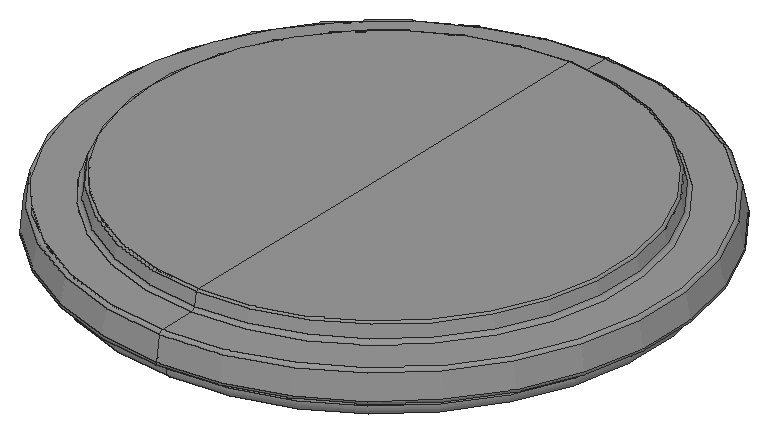
Revit family "FMK13_63_UN_Surface-mounted_ETK", category Lighting Fixtures, Revit 2017 (continued)
Definition of nested family "FMK.1 - Lightsource"
  Types (13, lengths in mm): name | Wattage Comments | Photometric Web File | built-in parameter 1150142 | Apparent Load
    FMK.1209.10 - Ø300x40 / 18W | "18W" | "FMK.1209.10.ies" | "IESNA:LM-63-2002\r\n[TEST] /2014\r\n[TESTLAB] ies2eulumdat.appspot.com\r\n[ISSUEDATE] 2021-06-16T09:02:18.810\r\n[MANUFAC] www.etk.nl\r\n[LUMCAT] FMK.1209.10\r\n[LUMINAIRE] FMK.1 LED 18W 3000/4000/5700K ø300 niet dimbaar\r\n[LAMPCAT] LED\r\n[LAMP] LED\r\nTILT=NONE\r\n1\t1710\t1\t46\t180\t1\t2\t-0.300\t-0.300\t0\r\n1.0\t1.0\t18.30\r\n0\t 2\t 4\t 6\t 8\t 10\t 12\t 14\t 16\t 18\r\n20\t 22\t 24\t 26\t 28\t 30\t 32\t 34\t 36\t 38\r\n40\t 42\t 44\t 46\t 48\t 50\t 52\t 54\t 56\t 58\r\n60\t 62\t 64\t 66\t 68\t 70\t 72\t 74\t 76\t 78\r\n80\t 82\t 84\t 86\t 88\t 90\r\n0\t 2\t 4\t 6\t 8\t 10\t 12\t 14\t 16\t 18\r\n20\t 22\t 24\t 26\t 28\t 30\t 32\t 34\t 36\t 38\r\n40\t 42\t 44\t 46\t 48\t 50\t 52\t 54\t 56\t 58\r\n60\t 62\t 64\t 66\t 68\t 70\t 72\t 74\t 76\t 78\r\n80\t 82\t 84\t 86\t 88\t 90\t 92\t 94\t 96\t 98\r\n100\t 102\t 104\t 106\t 108\t 110\t 112\t 114\t 116\t 118\r\n120\t 122\t 124\t 126\t 128\t 130\t 132\t 134\t 136\t 138\r\n140\t 142\t 144\t 146\t 148\t 150\t 152\t 154\t 156\t 158\r\n160\t 162\t 164\t 166\t 168\t 170\t 172\t 174\t 176\t 178\r\n180\t 182\t 184\t 186\t 188\t 190\t 192\t 194\t 196\t 198\r\n200\t 202\t 204\t 206\t 208\t 210\t 212\t 214\t 216\t 218\r\n220\t 222\t 224\t 226\t 228\t 230\t 232\t 234\t 236\t 238\r\n240\t 242\t 244\t 246\t 248\t 250\t 252\t 254\t 256\t 258\r\n260\t 262\t 264\t 266\t 268\t 270\t 272\t 274\t 276\t 278\r\n280\t 282\t 284\t 286\t 288\t 290\t 292\t 294\t 296\t 298\r\n300\t 302\t 304\t 306\t 308\t 310\t 312\t 314\t 316\t 318\r\n320\t 322\t 324\t 326\t 328\t 330\t 332\t 334\t 336\t 338\r\n340\t 342\t 344\t 346\t 348\t 350\t 352\t 354\t 356\t 358\r\n\r\n604.9325\t603.2919\t601.6514\t598.9367\t595.1481\t591.3474\t584.4074\t577.4673\t570.5271\t563.5989\r\n556.6589\t546.0716\t535.4844\t524.9091\t514.322\t503.7347\t489.8782\t476.0098\t462.1414\t448.2731\r\n434.4164\t417.5148\t400.6012\t383.6995\t366.7979\t349.8961\t330.7164\t311.5251\t292.3454\t273.1539\r\n253.9742\t234.7827\t215.6031\t196.4116\t177.2319\t158.0404\t0\t0\t0\t0\r\n0\t0\t0\t0\t0\t0\r\n604.9325\t603.303\t601.6736\t598.9672\t595.1776\t591.371\t584.4474\t577.518\t570.5942\t563.6772\r\n556.7804\t546.2089\t535.6382\t525.0562\t514.4711\t503.9096\t490.0793\t476.249\t462.4177\t448.5869\r\n434.7567\t417.8553\t400.9346\t384.014\t367.0954\t350.1887\t331.0138\t311.8383\t292.6629\t273.4839\r\n254.309\t235.1337\t215.9576\t196.7709\t177.5953\t158.8079\t0.4083\t0\t0\t0\r\n0\t0\t0\t0\t0\t0\r\n604.9325\t603.316\t601.6989\t599.0015\t595.1958\t591.3698\t584.4843\t577.5711\t570.6711\t563.7586\r\n556.8947\t546.3551\t535.7596\t525.1644\t514.5799\t504.0319\t490.2428\t476.4007\t462.5425\t448.6943\r\n434.9048\t418.0625\t401.1696\t384.2789\t367.3894\t350.5392\t331.4019\t312.225\t293.0468\t273.8823\r\n254.7052\t235.5402\t216.3663\t197.1991\t178.024\t160.3893\t1.6616\t0\t0\t0\r\n0\t0\t0\t0\t0\t0\r\n604.9325\t603.3306\t601.7275\t599.0433\t595.2312\t591.4156\t584.5657\t577.6625\t570.7544\t563.8431\r\n557.0019\t546.5201\t535.9272\t525.353\t514.7657\t504.264\t490.5226\t476.6557\t462.7667\t448.8924\r\n435.124\t418.3554\t401.4707\t384.5722\t367.6697\t350.8303\t331.7467\t312.5747\t293.4071\t274.2312\r\n255.0699\t235.9111\t216.7553\t197.6045\t178.4467\t162.6446\t3.8393\t0\t0\t0\r\n0\t0\t0\t0\t0\t0\r\n604.9325\t603.3467\t601.7784\t599.0852\t595.2744\t591.4839\t584.6789\t577.7818\t570.8609\t563.9373\r\n557.1543\t546.7354\t536.1372\t525.529\t514.8988\t504.4471\t490.789\t476.9063\t463.0292\t449.1418\r\n435.4474\t418.7539\t401.8361\t384.8952\t367.9622\t351.1523\t332.1531\t312.9933\t293.8363\t274.6741\r\n255.5041\t236.3482\t217.1967\t198.0491\t178.904\t165.4825\t7.0717\t0\t0\t0\r\n0\t0\t0\t0\t0\t0\r\n604.9325\t603.3646\t601.8109\t599.1301\t595.3254\t591.5822\t584.8149\t577.9154\t571.003\t564.0375\r\n557.2822\t546.9546\t536.3271\t525.6894\t515.0537\t504.6554\t491.1358\t477.2379\t463.3307\t449.4155\r\n435.7478\t419.1745\t402.2081\t385.2544\t368.2909\t351.5211\t332.6242\t313.4509\t294.2734\t275.1156\r\n255.9625\t236.8063\t217.6543\t198.5095\t179.3715\t168.6886\t11.5411\t0\t0\t0\r\n0\t0\t0\t0\t0\t0\r\n604.9325\t603.3841\t601.8434\t599.178\t595.3834\t591.6781\t584.976\t578.0752\t571.1133\t564.0963\r\n557.383\t547.1909\t536.5313\t525.8766\t515.2136\t504.8691\t491.4968\t477.5392\t463.5748\t449.6118\r\n435.9498\t419.5755\t402.6015\t385.6298\t368.6616\t351.9183\t333.1605\t313.9425\t294.7654\t275.5923\r\n256.4278\t237.2774\t218.1312\t198.9956\t179.8672\t172.0139\t17.4822\t0\t0\t0\r\n0\t0\t0\t0\t0\t0\r\n604.9325\t603.4053\t601.8759\t599.2285\t595.4497\t591.7812\t585.1731\t578.2085\t571.1927\t564.1664\r\n557.4629\t547.4497\t536.7769\t526.0887\t515.3685\t505.002\t491.8629\t477.8739\t463.8657\t449.8384\r\n436.2083\t420.1244\t403.1335\t386.0845\t369.0368\t352.2643\t333.7051\t314.4923\t295.2823\t276.0978\r\n256.9176\t237.7601\t218.6225\t199.4936\t180.379\t175.1597\t25.1927\t0\t0\t0\r\n0\t0\t0\t0\t0\t0\r\n604.9325\t603.4593\t601.9085\t599.2738\t595.5244\t591.9079\t585.3373\t578.316\t571.3136\t564.2514\r\n557.5412\t547.753\t537.0529\t526.317\t515.5469\t505.1567\t492.6884\t478.2212\t464.1752\t450.1642\r\n436.1336\t421.0943\t403.6156\t386.5209\t369.432\t352.3337\t334.5504\t315.0513\t295.836\t276.637\r\n257.4544\t238.29\t219.1493\t200.0199\t180.9108\t177.7292\t35.0259\t0\t0\t0\r\n0\t0\t0\t0\t0\t0\r\n604.9325\t603.4826\t601.941\t599.3319\t595.6075\t591.9952\t585.4602\t578.4838\t571.4702\t564.333\r\n557.6055\t548.1073\t537.3696\t526.5928\t515.7384\t504.8144\t493.0694\t478.6336\t464.5307\t450.3943\r\n436.2933\t421.64\t404.1436\t386.9492\t369.8193\t352.7072\t335.1677\t315.6771\t296.4365\t277.212\r\n258.007\t238.8258\t219.6743\t200.5397\t181.4425\t179.2574\t47.3991\t0\t0\t0\r\n0\t0\t0\t0\t0\t0\r\n604.9325\t603.5064\t601.9734\t599.3945\t595.7161\t592.0648\t585.6584\t578.7119\t571.6053\t564.412\r\n557.2136\t548.9435\t537.7363\t526.8513\t515.8959\t504.8997\t493.4258\t478.9823\t464.8596\t450.6873\r\n436.4267\t422.0138\t404.7199\t387.5204\t370.3217\t353.0976\t335.7436\t316.324\t297.0385\t277.7912\r\n258.567\t239.3682\t220.2087\t201.0815\t181.9832\t162.9148\t98.4026\t0\t0\t0\r\n0\t0\t0\t0\t0\t0\r\n604.9325\t603.5306\t602.0055\t599.4612\t595.8018\t592.0844\t585.9012\t578.9142\t571.7274\t564.5615\r\n557.281\t549.3317\t538.103\t527.1296\t516.0869\t504.9399\t493.7098\t479.4734\t465.2005\t450.9492\r\n436.7405\t422.5771\t405.4099\t388.0744\t370.7796\t353.4924\t336.2684\t316.9931\t297.6847\t278.4178\r\n259.1782\t239.9648\t220.7735\t201.6345\t182.5343\t163.481\t113.7595\t0\t0\t0\r\n0\t0\t0\t0\t0\t0\r\n604.9325\t603.5554\t602.0217\t599.532\t595.8866\t592.1561\t586.588\t579.0795\t571.9261\t564.708\r\n557.356\t549.6474\t538.4927\t527.425\t516.249\t505.0832\t494.0234\t479.9866\t465.7575\t451.3805\r\n437.0064\t422.8844\t406.0364\t388.6721\t371.3233\t353.9575\t336.8059\t317.7551\t298.3731\t279.0511\r\n259.7888\t240.5534\t221.3703\t202.2241\t183.1196\t164.0583\t128.3143\t0\t0\t0\r\n0\t0\t0\t0\t0\t0\r\n604.9325\t603.5809\t602.0558\t599.618\t595.9723\t592.2358\t586.8402\t579.3172\t572.1843\t564.8477\r\n557.415\t549.9086\t538.9015\t527.7199\t516.5471\t505.2607\t494.2777\t480.6872\t466.1976\t451.7399\r\n437.252\t422.7612\t407.2466\t389.4272\t371.966\t354.4582\t337.2243\t318.5243\t299.1108\t279.742\r\n260.4244\t241.1781\t221.9657\t202.8103\t183.7099\t164.6491\t141.3505\t0\t0\t0\r\n0\t0\t0\t0\t0\t0\r\n604.9325\t603.6071\t602.0912\t599.6912\t596.0451\t591.9798\t587.0148\t579.6483\t572.4109\t565.0026\r\n557.4889\t550.099\t539.3311\t528.166\t516.8776\t505.53\t494.0643\t481.5955\t466.7489\t452.2129\r\n437.6254\t423.0444\t408.0517\t390.1803\t372.5893\t355.0126\t337.4403\t319.5246\t299.8803\t280.4737\r\n261.1232\t241.8179\t222.5739\t203.4066\t184.3006\t165.2486\t152.0665\t0\t0\t0\r\n0\t0\t0\t0\t0\t0\r\n604.9325\t603.6338\t602.1279\t599.7642\t596.2915\t592.06\t587.2479\t579.9651\t572.6275\t565.1743\r\n557.5912\t550.1482\t539.9086\t528.6542\t517.2707\t505.7657\t494.0884\t482.1911\t467.4123\t452.7044\r\n438.0073\t423.2908\t408.632\t391.0308\t373.3713\t355.5458\t337.8389\t320.2515\t300.7003\t281.2121\r\n261.8325\t242.4922\t223.2123\t204.0069\t184.8961\t165.8551\t159.6039\t13.1538\t0\t0\r\n0\t0\t0\t0\t0\t0\r\n604.9325\t603.6611\t602.1659\t599.8376\t596.4054\t592.1391\t587.4977\t580.2805\t572.8868\t565.3787\r\n557.6678\t549.7361\t540.9527\t529.1771\t517.6731\t506.0008\t494.2758\t482.6381\t468.0299\t453.2316\r\n438.4194\t423.5879\t409.1603\t391.9077\t373.8445\t355.9972\t338.2732\t320.7969\t301.5855\t282.0214\r\n262.5566\t243.1786\t223.8823\t204.6641\t185.522\t166.4516\t162.8905\t31.8043\t0\t0\r\n0\t0\t0\t0\t0\t0\r\n604.9325\t603.6892\t602.2049\t599.908\t596.5241\t592.1992\t587.8004\t580.5758\t573.1764\t565.6227\r\n557.7326\t549.8042\t541.4288\t529.7323\t518.1144\t506.3438\t494.4987\t482.7908\t468.7329\t453.8508\r\n438.9175\t423.9507\t408.6493\t392.7359\t374.5174\t356.6496\t338.8317\t321.0335\t302.7194\t282.8805\r\n263.3626\t243.9028\t224.5481\t205.3141\t186.1662\t167.0952\t148.1118\t88.6377\t0\t0\r\n0\t0\t0\t0\t0\t0\r\n604.9325\t603.7179\t602.2449\t599.981\t596.652\t592.2995\t588.0109\t580.9296\t573.5102\t565.8506\r\n557.9219\t549.8881\t541.7121\t530.3743\t518.611\t506.7558\t494.6717\t482.47\t469.828\t454.5537\r\n439.4245\t424.0109\t408.6349\t393.3735\t375.3775\t357.3866\t339.435\t321.5173\t303.5607\t283.7689\r\n264.1651\t244.6733\t225.2874\t205.9828\t186.7886\t167.711\t148.7442\t112.1139\t0\t0\r\n0\t0\t0\t0\t0\t0\r\n604.9325\t603.7473\t602.2856\t600.0568\t596.7719\t592.4179\t588.1719\t581.3183\t573.9078\t566.0743\r\n558.1389\t549.9635\t541.9262\t531.0335\t519.2162\t507.1698\t494.9265\t482.6333\t470.329\t455.2483\r\n439.8147\t424.3822\t408.9232\t393.7403\t376.3501\t358.2294\t340.1252\t322.0395\t304.2025\t284.7408\r\n265.0668\t245.4539\t225.9736\t206.6463\t187.4435\t168.3603\t149.3849\t130.4101\t0\t0\r\n0\t0\t0\t0\t0\t0\r\n604.9325\t603.7776\t602.3343\t600.133\t596.8924\t592.5514\t588.2573\t582.1028\t574.2915\t566.3966\r\n558.3966\t550.0391\t541.4961\t532.1224\t519.854\t507.633\t495.3114\t482.8481\t470.4815\t456.3368\r\n440.5157\t424.9232\t409.2495\t393.6295\t377.6559\t359.1366\t340.8577\t322.656\t304.5206\t285.931\r\n265.9183\t246.2694\t226.7385\t207.3469\t188.0877\t168.9899\t150.0335\t142.1012\t0.9237\t0\r\n0\t0\t0\t0\t0\t0\r\n604.9325\t603.8087\t602.2411\t600.2093\t597.0138\t592.7089\t587.9814\t582.506\t574.6544\t566.7889\r\n558.6686\t550.1973\t541.4544\t532.5851\t520.5561\t508.2392\t495.7924\t483.0495\t470.1335\t457.1163\r\n441.3228\t425.5219\t409.7509\t393.9106\t378.232\t360.1469\t341.7391\t323.3504\t304.9773\t286.7673\r\n266.8982\t247.1147\t227.4881\t208.0586\t188.7792\t169.6606\t150.6879\t131.866\t21.4679\t0\r\n0\t0\t0\t0\t0\t0\r\n604.9325\t603.8407\t602.2844\t600.2854\t597.1426\t592.8591\t588.0729\t582.907\t575.0998\t567.2089\r\n558.9621\t550.3823\t541.4848\t532.7997\t521.7716\t508.9483\t496.2748\t483.3245\t470.3834\t457.4768\r\n442.2022\t426.336\t410.3521\t394.239\t378.1528\t361.5855\t342.6871\t324.0744\t305.6064\t287.3619\r\n267.8645\t248.0216\t228.3498\t208.8257\t189.4682\t170.3025\t151.3323\t132.5387\t80.029\t0\r\n0\t0\t0\t0\t0\t0\r\n604.9325\t603.8733\t602.3299\t600.3607\t597.2661\t593.1545\t588.1843\t583.2018\t575.6055\t567.6783\r\n559.3106\t550.6007\t541.5686\t532.3163\t522.4808\t509.7479\t496.8485\t483.8597\t470.6669\t457.2136\r\n443.4699\t427.2526\t410.9944\t394.713\t378.4457\t362.2796\t343.7493\t325.0072\t306.2591\t287.6577\r\n269.0839\t249.009\t229.1809\t209.5733\t190.2093\t170.9954\t151.9889\t133.1871\t107.1195\t0\r\n0\t0\t0\t0\t0\t0\r\n604.9325\t603.907\t602.3776\t600.435\t597.3875\t593.3208\t588.3223\t583.4193\t576.5313\t568.1743\r\n559.709\t550.8685\t541.7588\t532.2517\t522.878\t510.5737\t497.5582\t484.484\t471.0737\t457.3263\r\n443.9663\t428.2466\t411.8005\t395.3788\t378.7305\t362.2173\t345.2416\t325.9593\t307.1037\t288.3016\r\n269.7515\t250.003\t230.1332\t210.3898\t190.9169\t171.6613\t152.6389\t133.8373\t123.7799\t0\r\n0\t0\t0\t0\t0\t0\r\n604.9325\t603.9123\t602.428\t600.501\t597.5056\t593.4861\t588.4837\t583.5425\t577.0344\t568.7101\r\n560.1512\t551.1686\t541.9813\t532.3519\t522.4772\t511.7762\t498.5257\t485.22\t471.4735\t457.7046\r\n443.7031\t429.415\t412.8677\t396.0261\t379.2618\t362.4764\t345.8916\t327.1753\t308.035\t288.9915\r\n270.1463\t251.2322\t231.0663\t211.2373\t191.6472\t172.3408\t153.2921\t134.4874\t115.9236\t9.2138\r\n0\t0\t0\t0\t0\t0\r\n604.9325\t603.9481\t602.4812\t600.5742\t597.6202\t593.653\t588.668\t583.3077\t577.4581\t569.2983\r\n560.6533\t551.5767\t542.2042\t532.5113\t522.3616\t512.2177\t499.5876\t486.0776\t472.1462\t458.1519\r\n443.8695\t429.876\t414.2071\t396.917\t379.9187\t362.8675\t345.8321\t328.6051\t309.1102\t289.916\r\n270.7523\t251.9617\t232.0644\t212.1103\t192.4343\t173.0323\t153.9173\t135.1018\t116.562\t65.7955\r\n0\t0\t0\t0\t0\t0\r\n604.9325\t603.9852\t602.5371\t600.6467\t597.73\t593.8172\t588.8736\t583.4583\t577.7772\t570.2819\r\n561.2111\t552.1325\t542.5577\t532.7343\t522.3727\t511.8663\t500.9199\t486.9213\t472.9747\t458.7217\r\n444.2496\t429.5691\t414.7964\t398.0122\t380.7816\t363.4509\t346.0825\t328.8111\t310.4213\t290.8883\r\n271.5384\t252.3269\t233.2419\t213.0364\t193.2161\t173.736\t154.5864\t135.7567\t117.2044\t96.1475\r\n0\t0\t0\t0\t0\t0\r\n604.9325\t604.0236\t602.596\t600.7186\t597.8194\t593.9774\t589.2292\t583.6201\t577.9865\t570.7992\r\n561.8256\t552.71\t543.0652\t533.0169\t522.502\t511.8678\t501.241\t488.4687\t473.9436\t459.4936\r\n444.832\t429.7247\t414.7044\t399.4139\t381.8032\t364.1979\t346.6042\t329.0336\t311.6354\t292.1036\r\n272.4601\t253.0354\t233.7628\t214.0337\t194.1035\t174.5269\t155.255\t136.3516\t117.8305\t109.9048\r\n0\t0\t0\t0\t0\t0\r\n604.9325\t604.0637\t602.658\t600.789\t597.9215\t594.1325\t589.4529\t583.8272\t577.7627\t571.1951\r\n562.8118\t553.2917\t543.6239\t533.3822\t522.7915\t511.9619\t500.5541\t489.0998\t475.0948\t460.4654\r\n445.4767\t430.3017\t414.8994\t399.3696\t383.2919\t365.1943\t347.3191\t329.4129\t311.6006\t293.6303\r\n273.6308\t253.85\t234.3543\t215.1938\t195.0532\t175.2777\t155.9455\t136.9913\t118.4168\t100.2246\r\n10.9351\t0\t0\t0\t0\t0\r\n604.9325\t604.1049\t602.7234\t600.8579\t598.021\t594.2782\t589.6773\t584.0732\t577.9255\t571.4711\r\n563.458\t554.0039\t544.2463\t533.8777\t523.2306\t512.1995\t500.5102\t488.6583\t476.4436\t461.6248\r\n446.3237\t431.0595\t415.3954\t399.5376\t383.6965\t366.7259\t348.2364\t330.1152\t311.8732\t293.8363\r\n275.1387\t254.8952\t235.1611\t215.6652\t196.0554\t176.1444\t156.6456\t137.594\t119.0254\t100.8532\r\n68.8785\t0\t0\t0\t0\t0\r\n604.9325\t604.3797\t602.795\t600.7955\t598.1176\t594.4184\t589.9421\t584.4807\t578.1293\t571.2717\r\n564.0225\t555.1365\t544.9684\t534.4889\t523.7521\t512.5133\t500.6805\t488.5879\t476.1182\t463.0735\r\n447.6366\t431.9684\t416.1152\t399.9456\t383.6989\t367.3767\t349.5599\t330.9731\t312.5046\t294.0321\r\n275.9095\t256.218\t236.1048\t216.3684\t197.0093\t177.0397\t157.4158\t138.2701\t119.6169\t101.4035\r\n91.2126\t0\t0\t0\t0\t0\r\n604.9325\t604.4205\t602.8672\t600.8728\t598.211\t594.5549\t590.1569\t584.7672\t578.3807\t571.4627\r\n564.3113\t555.8405\t545.7988\t535.2615\t524.3877\t512.92\t501.0143\t488.7096\t476.0305\t462.7583\r\n449.2912\t433.217\t417.0958\t400.713\t384.1708\t367.2088\t350.6545\t332.2272\t313.392\t294.5441\r\n275.8683\t257.4578\t237.4149\t217.2362\t197.4869\t178.1427\t158.2694\t138.9226\t120.2106\t101.9885\r\n84.2445\t0\t0\t0\t0\t0\r\n604.9325\t604.4609\t602.9426\t600.9571\t598.301\t594.685\t590.3595\t585.0141\t578.795\t571.7158\r\n564.1432\t556.2603\t546.8908\t536.205\t525.1774\t513.5407\t501.5676\t489.0287\t476.1442\t462.6532\r\n448.9921\t434.8922\t418.416\t401.8982\t384.7929\t367.6136\t350.3325\t333.3151\t314.6323\t295.4577\r\n276.336\t257.5068\t238.7779\t218.4036\t198.3424\t178.728\t159.174\t139.7342\t120.8004\t102.4847\r\n84.7775\t45.5539\t0\t0\t0\t0\r\n604.9325\t604.5006\t603.0216\t601.0606\t598.3865\t594.8079\t590.54\t585.2417\t579.0807\t572.1467\r\n564.4011\t556.1409\t547.4037\t537.4374\t526.1369\t514.3405\t502.2658\t489.5783\t476.4823\t462.9105\r\n448.8591\t434.6232\t420.0685\t403.4046\t385.7751\t368.4205\t350.8718\t333.1656\t315.607\t296.8929\r\n277.2305\t257.8752\t238.7581\t219.918\t199.4756\t179.4703\t160.1376\t140.5119\t121.4449\t103.0157\r\n85.2703\t74.215\t0\t0\t0\t0\r\n604.9325\t604.5394\t603.1042\t601.1584\t598.3492\t594.9234\t590.7019\t585.451\t579.3531\t572.4943\r\n564.7651\t556.3877\t547.3688\t538.0224\t527.3866\t515.3535\t503.115\t490.3931\t476.9994\t463.303\r\n449.0547\t434.4994\t419.6921\t404.5604\t387.5106\t369.5539\t351.7313\t333.6797\t315.5431\t297.2741\r\n278.797\t258.7661\t239.2377\t219.9717\t200.9556\t180.5254\t160.6648\t141.5044\t122.1648\t103.5896\r\n85.7592\t68.6221\t0\t0\t0\t0\r\n604.9325\t604.5773\t603.1902\t601.2632\t598.4516\t595.0092\t590.8464\t585.643\t579.6101\t572.8202\r\n565.325\t556.7647\t547.6995\t538.0024\t527.9437\t516.6478\t504.4938\t491.4266\t477.8344\t463.9221\r\n449.6332\t434.78\t419.7115\t403.8594\t387.7921\t371.4508\t353.0947\t334.6903\t316.1395\t297.631\r\n278.8793\t260.2808\t240.1353\t220.3427\t201.0312\t181.9801\t161.6499\t142.0644\t123.0333\t104.2161\r\n86.2409\t69.0879\t15.2173\t0\t0\t0\r\n604.9325\t604.6141\t603.2798\t601.3757\t598.5679\t594.9853\t590.9493\t585.8192\t579.8489\t573.1198\r\n565.7109\t557.3403\t548.3007\t538.393\t527.9435\t517.2634\t505.3927\t492.933\t478.9816\t464.8927\r\n450.474\t435.4187\t420.1142\t403.9636\t387.6809\t371.1777\t354.5307\t336.6039\t317.3934\t298.4472\r\n279.3102\t260.28\t241.3379\t221.3309\t201.4226\t182.0109\t163.0786\t142.9823\t123.7395\t104.974\r\n86.81\t69.5539\t58.969\t0\t0\t0\r\n604.9325\t604.6498\t603.6043\t601.4957\t598.6984\t595.1135\t590.9331\t585.9739\t580.0893\t573.3916\r\n566.0512\t557.7504\t548.7954\t539.0648\t528.4009\t517.3472\t505.5605\t493.6743\t480.4541\t466.4352\r\n451.5987\t436.4298\t420.8587\t404.6187\t388.0855\t371.2381\t354.0167\t336.6193\t319.1551\t299.9255\r\n280.4523\t260.8892\t241.3921\t222.136\t202.5984\t182.4131\t163.0718\t144.3638\t124.5764\t105.7842\r\n87.4272\t70.0349\t53.7077\t0\t0\t0\r\n604.9325\t604.6844\t603.6946\t601.6237\t598.8432\t595.2649\t591.0743\t585.9936\t580.2878\t573.6051\r\n566.3212\t558.1173\t549.2219\t539.5715\t529.1248\t518.0448\t506.0844\t493.7649\t480.7344\t467.3507\r\n453.0676\t438.029\t422.0569\t405.7673\t388.9954\t371.8917\t354.386\t336.673\t318.7419\t300.4149\r\n282.1798\t262.3184\t242.4052\t222.5131\t202.8279\t183.5184\t163.5632\t144.2653\t1
